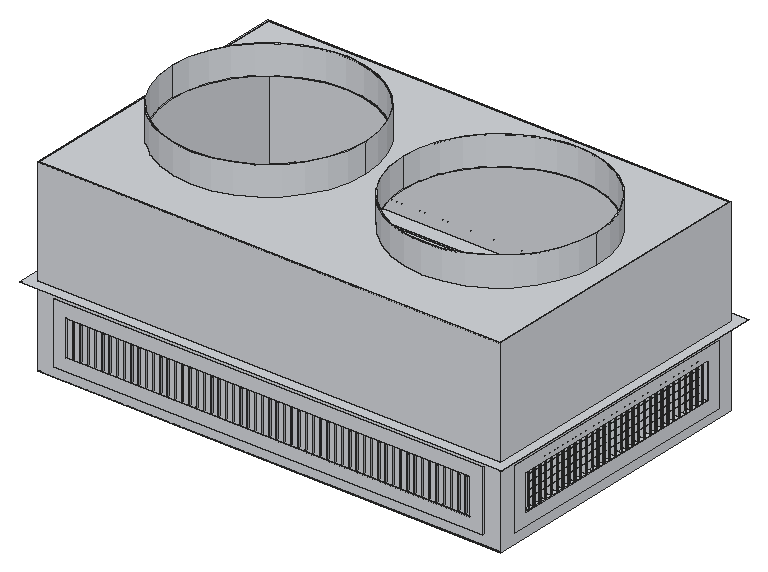
Revit family "model CO-30 diffuser", category Mechanical Equipment, Revit 2015
Parameters
  height [instance] = 1' - 7 3/8"
  Width = 2' - 5 3/4"
  Length = 3' - 11 3/4"
Reference planes (in)
  plane 1 "Center (Front/Back)": y = 0
  plane 2: z = 0
  plane 3 "Center (Left/Right)": x = 0
  plane 4: y = 14.875
  plane 5: y = -14.875
  plane 6: x = -23.875
  plane 7: x = 23.875
  plane 8: z = -9.6875
  plane 9: z = 9.6875
  plane 10: x = -23.8272
  plane 11: y = -14.8272
  plane 12: x = 23.8272
  plane 13: y = 14.8272
  plane 14: z = 9.6397
  plane 15: z = -1.3125
  plane 16: x = -24.875
  plane 17: y = -15.875
  plane 18: x = 24.875
  plane 19: y = 15.875
  plane 20: z = -1.3603
  plane 21: z = -9.6397
  plane 22: x = -11.9375
  plane 23: x = 11.9375
  plane 24: z = 12.6875
  plane 25: y = 12
  plane 26: y = -12
  plane 27: z = -3.50092
  plane 28: z = -7.50092
  plane 29: x = -21
  plane 30: x = 21
  plane 31: x = -16.5
  plane 32: x = 16.5
  plane 33: y = 7.5
  plane 34: y = -7.5
Forms (in)
  Extrusion 1, solid
    sketch origin (0, 0, 0) x (1, 0, 0) y (0, 1, 0)
      loop
        line (-23.875, 14.875) -> (-23.875, -14.875) -> (23.875, -14.875) -> (23.875, 14.875) -> (-23.875, 14.875)
    from 9.6875 to 9.6397
  Extrusion 2, solid
    sketch origin (0, 0, 0) x (1, 0, 0) y (0, 1, 0)
      loop
        line (-23.875, 14.875) -> (-23.875, -14.875) -> (23.875, -14.875) -> (23.875, 14.875) -> (-23.875, 14.875)
      loop
        line (-23.8272, 14.8272) -> (-23.8272, -14.8272) -> (23.8272, -14.8272) -> (23.8272, 14.8272) -> (-23.8272, 14.8272)
    from 9.6875 to -9.6875
  Extrusion 3, solid
    sketch origin (0, 0, 0) x (1, 0, 0) y (0, 1, 0)
      loop
        line (-24.875, 15.875) -> (-24.875, -15.875) -> (24.875, -15.875) -> (24.875, 15.875) -> (-24.875, 15.875)
      loop
        line (23.875, -14.875) -> (23.875, 14.875) -> (-23.875, 14.875) -> (-23.875, -14.875) -> (23.875, -14.875)
    from -1.3125 to -1.3603
  Extrusion 4, solid
    sketch origin (0, 0, 0) x (1, 0, 0) y (0, 1, 0)
      loop
        line (-23.875, 14.875) -> (-23.875, -14.875) -> (23.875, -14.875) -> (23.875, 14.875) -> (-23.875, 14.875)
    from -9.6397 to -9.6875
  Extrusion 5, void
    sketch origin (0, 0, 0) x (0, 1, 0) y (0, 0, 1)
      loop
        line (12, -3.50092) -> (-12, -3.50092) -> (-12, -7.50092) -> (12, -7.50092) -> (12, -3.50092)
    from 28.68207 to -27.87379
  Extrusion 6, void
    sketch origin (0, 0, 0) x (1, 0, 0) y (0, 0, 1)
      loop
        line (-21, -3.50092) -> (-21, -7.50092) -> (21, -7.50092) -> (21, -3.50092) -> (-21, -3.50092)
    from 12 to -14.86527
  Extrusion 7, void
    sketch origin (0, 0, 0) x (1, 0, 0) y (0, 1, 0)
      loop
        line (-16.5, 7.5) -> (-16.5, -7.5) -> (16.5, -7.5) -> (16.5, 7.5) -> (-16.5, 7.5)
    from 0 to -12
  Extrusion 8, void
    sketch origin (0, 0, 0) x (1, 0, 0) y (0, 1, 0)
      loop
        circle (-11.9375, 0) r 10
    from 0 to 15
  Extrusion 9, void
    sketch origin (23.875, 0, 0) x (1, 0, 0) y (0, 1, 0)
      loop
        circle (-11.9375, 0) r 10
    from 0 to 15
  Extrusion 10, solid
    sketch origin (0, 0, 0) x (1, 0, 0) y (0, 1, 0)
      loop
        circle (-11.9375, 0) r 10
      loop
        circle (-11.9375, 0) r 10.0239
    from 9.6875 to 12.6875
  Extrusion 11, solid
    sketch origin (23.875, 0, 0) x (1, 0, 0) y (0, 1, 0)
      loop
        circle (-11.9375, 0) r 10
      loop
        circle (-11.9375, 0) r 10.0239
    from 9.6875 to 12.6875
Cuts and joins
  Extrusion 5, Extrusion 6 cuts Extrusion 2
  Extrusion 7 cuts Extrusion 4
  Extrusion 8, Extrusion 9 cuts Extrusion 1
Dimensions and locks (in)
  equal spacing: plane 6, plane 3 "Center (Left/Right)", plane 7
  "Length": plane 6 to plane 7
  equal spacing: plane 4, plane 1 "Center (Front/Back)", plane 5
  "Width": plane 4 to plane 5
  locked: plane 6 to plane 10 at 0.0478
  locked: plane 12 to plane 7 at 0.0478
  locked: plane 11 to plane 5 at 0.0478
  locked: plane 13 to plane 4 at 0.0478
  equal spacing: plane 9, level, plane 8
  "height": plane 9 to plane 8
  locked: plane 9 to plane 14 at 0.0478
  locked: plane 15 to plane 8 at 8.375
  locked: plane 5 to plane 17 at 1
  locked: plane 7 to plane 18 at 1
  locked: plane 19 to plane 4 at 1
  locked: plane 16 to plane 6 at 1
  locked: plane 15 to plane 20 at 0.0478
  locked: plane 21 to plane 8 at 0.0478
  locked: plane 22 to plane 3 "Center (Left/Right)" at 11.9375
  locked: plane 3 "Center (Left/Right)" to plane 23 at 11.9375
  locked: plane 24 to plane 9 at 3
  locked: plane 3 "Center (Left/Right)" to plane 29 at 21
  locked: plane 30 to plane 3 "Center (Left/Right)" at 21
  locked: plane 31 to plane 32 at 33
  locked: plane 33 to plane 34 at 15
  locked: plane 25 to plane 26 at 24
  aligned and locked: level to plane 2
  aligned and locked: plane 4 to Extrusion 1
  aligned and locked: plane 6 to Extrusion 1
  aligned and locked: Extrusion 1 to plane 7
  aligned and locked: Extrusion 1 to plane 5
  aligned and locked: plane 9 to Extrusion 1
  aligned and locked: Extrusion 1 to plane 14
  aligned and locked: plane 9 to Extrusion 2
  aligned and locked: Extrusion 2 to plane 8
  aligned and locked: Extrusion 2 to plane 7
  aligned and locked: plane 4 to Extrusion 2
  aligned and locked: plane 13 to Extrusion 2
  aligned and locked: plane 12 to Extrusion 2
  aligned and locked: Extrusion 2 to plane 5
  aligned and locked: plane 6 to Extrusion 2
  aligned and locked: plane 10 to Extrusion 2
  aligned and locked: plane 11 to Extrusion 2
  aligned and locked: plane 15 to Extrusion 3
  aligned and locked: Extrusion 3 to plane 20
  aligned and locked: plane 21 to Extrusion 4
  aligned and locked: Extrusion 4 to plane 8
  aligned and locked: plane 6 to Extrusion 4
  aligned and locked: plane 4 to Extrusion 4
  aligned and locked: Extrusion 4 to plane 5
  aligned and locked: Extrusion 4 to plane 7
  aligned and locked: cut or joined group of Extrusion 4, Extrusion 7 to plane 31
  aligned and locked: plane 33 to cut or joined group of Extrusion 4, Extrusion 7
  aligned and locked: cut or joined group of Extrusion 4, Extrusion 7 to plane 34
  aligned and locked: plane 32 to cut or joined group of Extrusion 4, Extrusion 7
  aligned and locked: plane 26 to cut or joined group of Extrusion 2, Extrusion 5, Extrusion 6
  aligned and locked: cut or joined group of Extrusion 2, Extrusion 5, Extrusion 6 to plane 25
  aligned and locked: plane 27 to cut or joined group of Extrusion 2, Extrusion 5, Extrusion 6  (x2)
  aligned and locked: cut or joined group of Extrusion 2, Extrusion 5, Extrusion 6 to plane 28  (x2)
  aligned and locked: cut or joined group of Extrusion 2, Extrusion 5, Extrusion 6 to plane 29
  aligned and locked: plane 30 to cut or joined group of Extrusion 2, Extrusion 5, Extrusion 6
  aligned and locked: plane 3 "Center (Left/Right)" to nested 1
  aligned and locked: plane 27 to nested 1
  aligned and locked: plane 5 to nested 1
  aligned and locked: plane 28 to nested 1
  aligned and locked: nested 2 to plane 13
  aligned and locked: nested 2 to plane 27  (x2)
  aligned and locked: nested 2 to plane 28
  aligned and locked: nested 1 to cut or joined group of Extrusion 2, Extrusion 5, Extrusion 6
  aligned and locked: plane 30 to nested 1
  aligned and locked: nested 1 to plane 28
  aligned and locked: nested 2 to plane 30
  aligned and locked: Extrusion 10 to plane 9
  aligned and locked: plane 24 to Extrusion 10
  aligned and locked: nested 3 to plane 33
  aligned and locked: nested 3 to plane 34  (x2)
  aligned and locked: nested 3 to plane 31
  aligned and locked: plane 33 to nested 3
  aligned and locked: plane 32 to nested 3
  aligned and locked: plane 8 to nested 3
  aligned and locked: nested 4 to plane 25
  aligned and locked: plane 26 to nested 4
  aligned and locked: plane 27 to nested 4  (x2)
  aligned and locked: nested 4 to plane 28
  aligned and locked: plane 7 to nested 4
  aligned and locked: plane 28 to nested 4
  aligned and locked: nested 5 to plane 28
  aligned and locked: nested 5 to plane 27
Automatic sketch dimensions
  Extrusion 1 sketch curve to plane 5 = 0' - 0"
  Extrusion 1 sketch curve to plane 6 = 0' - 0"
  Extrusion 1 sketch curve to plane 7 = 0' - 0"
  Extrusion 1 sketch curve to plane 4 = 0' - 0"
  Extrusion 2 sketch curve to plane 5 = 0' - 0"
  Extrusion 2 sketch curve to plane 6 = 0' - 0"
  Extrusion 2 sketch curve to plane 10 = 0' - 0"
  Extrusion 2 sketch curve to plane 12 = 0' - 0"
  Extrusion 2 sketch curve to plane 4 = 0' - 0"
  Extrusion 2 sketch curve to plane 7 = 0' - 0"
  Extrusion 2 sketch curve to plane 11 = 0' - 0"
  plane 13 to Extrusion 2 sketch curve = 0' - 0"
  Extrusion 3 sketch curve to plane 16 = 0' - 0"
  Extrusion 3 sketch curve to plane 4 = 0' - 0"
  Extrusion 3 sketch curve to plane 6 = 0' - 0"
  Extrusion 3 sketch curve to plane 7 = 0' - 0"
  Extrusion 3 sketch curve to plane 17 = 0' - 0"
  Extrusion 3 sketch curve to plane 18 = 0' - 0"
  Extrusion 3 sketch curve to plane 5 = 0' - 0"
  Extrusion 3 sketch curve to plane 19 = 0' - 0"
  Extrusion 4 sketch curve to plane 5 = 0' - 0"
  Extrusion 4 sketch curve to plane 6 = 0' - 0"
  Extrusion 4 sketch curve to plane 7 = 0' - 0"
  Extrusion 4 sketch curve to plane 4 = 0' - 0"
  Extrusion 5 sketch curve to plane 26 = 0' - 0"
  Extrusion 5 sketch curve to plane 25 = 0' - 0"
  Extrusion 5 sketch curve to plane 28 = 0' - 0"
  Extrusion 5 sketch curve to plane 27 = 0' - 0"
  Extrusion 6 sketch curve to plane 28 = 0' - 0"
  Extrusion 6 sketch curve to plane 29 = 0' - 0"
  Extrusion 6 sketch curve to plane 30 = 0' - 0"
  Extrusion 6 sketch curve to plane 27 = 0' - 0"
  Extrusion 7 sketch curve to plane 31 = 0' - 0"
  Extrusion 7 sketch curve to plane 32 = 0' - 0"
  Extrusion 7 sketch curve to plane 34 = 0' - 0"
  Extrusion 7 sketch curve to plane 33 = 0' - 0"
  plane 1 "Center (Front/Back)" to Extrusion 8 sketch curve = 0' - 0"
  Extrusion 8 sketch curve to plane 22 = 0' - 0"
  plane 1 "Center (Front/Back)" to Extrusion 9 sketch curve = 0' - 0"
  Extrusion 9 sketch curve to plane 23 = 0' - 0"
  Extrusion 10 sketch curve to Extrusion 10 sketch curve = 0' - 0"  (x2)
  plane 1 "Center (Front/Back)" to Extrusion 10 sketch curve = 0' - 0"
  Extrusion 10 sketch curve to plane 22 = 0' - 0"
  Extrusion 11 sketch curve to Extrusion 11 sketch curve = 0' - 0"  (x2)
  plane 1 "Center (Front/Back)" to Extrusion 11 sketch curve = 0' - 0"
  Extrusion 11 sketch curve to plane 23 = 0' - 0"
  radius of Extrusion 8 sketch curve = 0' - 10"
  radius of Extrusion 9 sketch curve = 0' - 10"
  radius of Extrusion 10 sketch curve = 0' - 10"
  radius of Extrusion 10 sketch curve = 0' - 10.0239"
  radius of Extrusion 11 sketch curve = 0' - 10"
  radius of Extrusion 11 sketch curve = 0' - 10.0239"
Nested families (in)
  nested 1: "Double Diffuser Grille" at (0, -13.25, -5.50093), type "Double Diffuser Grille"
    with Vert. Spacing 0' - 0 3/4", Vert. Number 28, Vert. Blade Height 0' - 3 5/8", Horiz. Spacing 0' - 0 3/4", Horiz. Number 3, Horiz. Blade Width 3' - 5 5/8"
  nested 2: "Double Diffuser Grille" at (0, 13.2022, -5.50093), type "Double Diffuser Grille"
    with Vert. Spacing 0' - 0 3/4", Vert. Number 28, Vert. Blade Height 0' - 3 5/8", Horiz. Spacing 0' - 0 3/4", Horiz. Number 3, Horiz. Blade Width 3' - 5 5/8"
  nested 3: "egg crate grille 3" at (0, 0, -8.0625) x (1, 0, 0) z (0, -1, 0), type "egg crate grille 3"
    with Vert. Spacing 0' - 0 3/4", Vert. Number 32, Vert. Blade Height 1' - 2 5/8", Horiz. Spacing 0' - 0 3/4", Horiz. Number 14, Horiz. Blade Width 2' - 8 5/8"
  nested 4: "Double Diffuser Grille 3" at (22.25, 0, -5.50093) x (0, 1, 0) z (0, 0, 1), type "Double Diffuser Grille 3"
    with Vert. Spacing 0' - 0 3/4", Vert. Number 16, Vert. Blade Height 0' - 3 5/8", Horiz. Spacing 0' - 0 3/4", Horiz. Number 3, Horiz. Blade Width 1' - 11 5/8"
  nested 5: "Double Diffuser Grille 3" at (-22.25, 0, -5.50093) x (0, 1, 0) z (0, 0, 1), type "Double Diffuser Grille 3"
    with Vert. Spacing 0' - 0 3/4", Vert. Number 16, Vert. Blade Height 0' - 3 5/8", Horiz. Spacing 0' - 0 3/4", Horiz. Number 3, Horiz. Blade Width 1' - 11 5/8"
Definition of nested family "Double Diffuser Grille"
  Parameters (values of type "Double Diffuser Grille")
    Vert. Spacing [instance] = 0' - 0 3/4"
    Vert. Number [instance] = ((Grille Width - 0' 0 1/4") / 0' 0 3/4") / 2  # 28
    Vert. Blade Height [instance] = Grille Height - 0' 0 3/8"  # 0' - 3 5/8"
    Horiz. Spacing [instance] = 0' - 0 3/4"
    Horiz. Number [instance] = ((Grille Height - 0' 0 1/4") / 0' 0 3/4") / 2  # 3
    Horiz. Blade Width [instance] = Grille Width - 0' 0 3/8"  # 3' - 5 5/8"
    Grille Width = 3' - 6"
    Grille Height = 0' - 4"
  Reference planes (in)
    plane 1 "Center (Front/Back)": y = 0
    plane 2: z = 0
    plane 3 "Center (Left/Right)": x = 0
    plane 4: y = -1.75
    plane 5: y = -1.625
    plane 6: x = -21
    plane 7: x = 21
    plane 8: z = -2
    plane 9: z = 2
    plane 10: x = -20.875
    plane 11: z = 1.875
    plane 12: z = -1.875
    plane 13: x = 20.875
    plane 14: x = 22.125
    plane 15: z = -3.125
    plane 16: z = 3.125
    plane 17: x = -22.125
    plane 18: y = -0.8125
  Forms (in)
    Extrusion 1, solid
      sketch origin (0, 0, 0) x (1, 0, 0) y (0, 0, 1)
        loop
          line (-21, -2) -> (21, -2) -> (21, 2) -> (-21, 2) -> (-21, -2)
        loop
          line (-20.875, -1.875) -> (20.875, -1.875) -> (20.875, 1.875) -> (-20.875, 1.875) -> (-20.875, -1.875)
      from 0 to 1.625
    Extrusion 2, solid
      sketch origin (0, 0, 0) x (1, 0, 0) y (0, 0, 1)
        loop
          line (-22.125, -3.125) -> (22.125, -3.125) -> (22.125, 3.125) -> (-22.125, 3.125) -> (-22.125, -3.125)
        loop
          line (-20.875, -1.875) -> (20.875, -1.875) -> (20.875, 1.875) -> (-20.875, 1.875) -> (-20.875, -1.875)
      from 1.625 to 1.75
  Dimensions and locks (in)
    locked: plane 5 to plane 4 at 0.125
    locked: plane 1 "Center (Front/Back)" to plane 5 at 1.625
    equal spacing: plane 9, level, plane 8
    "Grille Height": plane 9 to plane 8
    equal spacing: plane 6, plane 3 "Center (Left/Right)", plane 7
    "Grille Width": plane 6 to plane 7
    locked: plane 9 to plane 11 at 0.125
    locked: plane 12 to plane 8 at 0.125
    locked: plane 6 to plane 10 at 0.125
    locked: plane 7 to plane 13 at 0.125
    locked: plane 16 to plane 9 at 1.125
    locked: plane 8 to plane 15 at 1.125
    locked: plane 6 to plane 17 at 1.125
    locked: plane 14 to plane 7 at 1.125
    locked: plane 1 "Center (Front/Back)" to plane 18 at 0.8125
    equal spacing: group 1, group 2, group 4, group 5, group 6, group 7, group 8, group 9, group 10, group 11, group 12, group 13, group 29, group 30, group 31, group 32, group 33, group 34, group 35, group 36, group 37, group 38, group 39, group 40, group 41, group 42, group 43, group 44  (x3)
    "Vert. Spacing": nested 1 to nested 3
    equal spacing: group 60, group 59, group 58, group 57, group 56, group 55, group 54, group 53, group 52, group 51, group 50, group 49, group 48, group 47, group 46, group 45, group 23, group 22, group 21, group 20, group 19, group 18, group 17, group 16, group 15, group 14, group 3, group 1
    equal spacing: group 1, group 3, group 14, group 15, group 16, group 17, group 18, group 19, group 20, group 21, group 22, group 23, group 45, group 46, group 47, group 48, group 49, group 50, group 51, group 52, group 53, group 54, group 55, group 56, group 57, group 58, group 59, group 60  (x2)
    "Vert. Spacing": nested 4 to nested 1
    equal spacing: group 24, group 25, group 27  (x3)
    "Horiz. Spacing": nested 25 to nested 2
    equal spacing: group 24, group 26, group 28  (x2)
    equal spacing: group 28, group 26, group 24
    "Horiz. Spacing": nested 2 to nested 26
    aligned and locked: level to plane 2
    aligned and locked: plane 6 to Extrusion 1 sketch curve
    aligned and locked: plane 9 to Extrusion 1 sketch curve
    aligned and locked: Extrusion 1 sketch curve to plane 8
    aligned and locked: plane 7 to Extrusion 1 sketch curve
    aligned and locked: plane 13 to Extrusion 1 sketch curve
    aligned and locked: plane 12 to Extrusion 1 sketch curve
    aligned and locked: plane 10 to Extrusion 1 sketch curve
    aligned and locked: plane 11 to Extrusion 1 sketch curve
    aligned and locked: Extrusion 1 to plane 1 "Center (Front/Back)"
    aligned and locked: Extrusion 1 to plane 5
    aligned and locked: Extrusion 2 sketch curve to plane 17
    aligned and locked: Extrusion 2 sketch curve to plane 16
    aligned and locked: Extrusion 2 sketch curve to plane 14
    aligned and locked: plane 15 to Extrusion 2 sketch curve
    aligned and locked: plane 12 to Extrusion 2 sketch curve
    aligned and locked: plane 13 to Extrusion 2 sketch curve
    aligned and locked: plane 11 to Extrusion 2 sketch curve
    aligned and locked: plane 10 to Extrusion 2 sketch curve
    aligned and locked: plane 5 to Extrusion 2
    aligned and locked: Extrusion 2 to plane 4
    aligned and locked: nested 1 to plane 5
    aligned and locked: nested 1 to plane 3 "Center (Left/Right)"
    aligned and locked: nested 2 to plane 18
    aligned and locked: plane 3 "Center (Left/Right)" to nested 2
  Nested families (in)
    nested 1: "Vertical Blade" at (-0.08237, -1.625, 0), type "Vertical Blade"
    nested 2: "Horizontal Blade" at (0, -0.8125, 0), type "Horizontal Blade"
    nested 3: "Vertical Blade" at (0.66763, -1.625, 0), type "Vertical Blade"
    nested 4: "Vertical Blade" at (-0.83237, -1.625, 0), type "Vertical Blade"
    nested 5: "Vertical Blade" at (1.41763, -1.625, 0), type "Vertical Blade"
    nested 6: "Vertical Blade" at (2.16763, -1.625, 0), type "Vertical Blade"
    nested 7: "Vertical Blade" at (2.91763, -1.625, 0), type "Vertical Blade"
    nested 8: "Vertical Blade" at (3.66763, -1.625, 0), type "Vertical Blade"
    nested 9: "Vertical Blade" at (4.41763, -1.625, 0), type "Vertical Blade"
    nested 10: "Vertical Blade" at (5.16763, -1.625, 0), type "Vertical Blade"
    nested 11: "Vertical Blade" at (5.91763, -1.625, 0), type "Vertical Blade"
    nested 12: "Vertical Blade" at (6.66763, -1.625, 0), type "Vertical Blade"
    nested 13: "Vertical Blade" at (7.41763, -1.625, 0), type "Vertical Blade"
    nested 14: "Vertical Blade" at (8.16763, -1.625, 0), type "Vertical Blade"
    nested 15: "Vertical Blade" at (-1.58237, -1.625, 0), type "Vertical Blade"
    nested 16: "Vertical Blade" at (-2.33237, -1.625, 0), type "Vertical Blade"
    nested 17: "Vertical Blade" at (-3.08237, -1.625, 0), type "Vertical Blade"
    nested 18: "Vertical Blade" at (-3.83237, -1.625, 0), type "Vertical Blade"
    nested 19: "Vertical Blade" at (-4.58237, -1.625, 0), type "Vertical Blade"
    nested 20: "Vertical Blade" at (-5.33237, -1.625, 0), type "Vertical Blade"
    nested 21: "Vertical Blade" at (-6.08237, -1.625, 0), type "Vertical Blade"
    nested 22: "Vertical Blade" at (-6.83237, -1.625, 0), type "Vertical Blade"
    nested 23: "Vertical Blade" at (-7.58237, -1.625, 0), type "Vertical Blade"
    nested 24: "Vertical Blade" at (-8.33237, -1.625, 0), type "Vertical Blade"
    nested 25: "Horizontal Blade" at (0, -0.8125, 0.75), type "Horizontal Blade"
    nested 26: "Horizontal Blade" at (0, -0.8125, -0.75), type "Horizontal Blade"
    nested 27: "Horizontal Blade" at (0, -0.8125, 1.5), type "Horizontal Blade"
    nested 28: "Horizontal Blade" at (0, -0.8125, -1.5), type "Horizontal Blade"
    nested 29: "Vertical Blade" at (8.91763, -1.625, 0), type "Vertical Blade"
    nested 30: "Vertical Blade" at (9.66763, -1.625, 0), type "Vertical Blade"
    nested 31: "Vertical Blade" at (10.41763, -1.625, 0), type "Vertical Blade"
    nested 32: "Vertical Blade" at (11.16763, -1.625, 0), type "Vertical Blade"
    nested 33: "Vertical Blade" at (11.91763, -1.625, 0), type "Vertical Blade"
    nested 34: "Vertical Blade" at (12.66763, -1.625, 0), type "Vertical Blade"
    nested 35: "Vertical Blade" at (13.41763, -1.625, 0), type "Vertical Blade"
    nested 36: "Vertical Blade" at (14.16763, -1.625, 0), type "Vertical Blade"
    nested 37: "Vertical Blade" at (14.91763, -1.625, 0), type "Vertical Blade"
    nested 38: "Vertical Blade" at (15.66763, -1.625, 0), type "Vertical Blade"
    nested 39: "Vertical Blade" at (16.41763, -1.625, 0), type "Vertical Blade"
    nested 40: "Vertical Blade" at (17.16763, -1.625, 0), type "Vertical Blade"
    nested 41: "Vertical Blade" at (17.91763, -1.625, 0), type "Vertical Blade"
    nested 42: "Vertical Blade" at (18.66763, -1.625, 0), type "Vertical Blade"
    nested 43: "Vertical Blade" at (19.41763, -1.625, 0), type "Vertical Blade"
    nested 44: "Vertical Blade" at (20.16763, -1.625, 0), type "Vertical Blade"
    nested 45: "Vertical Blade" at (-9.08237, -1.625, 0), type "Vertical Blade"
    nested 46: "Vertical Blade" at (-9.83237, -1.625, 0), type "Vertical Blade"
    nested 47: "Vertical Blade" at (-10.58237, -1.625, 0), type "Vertical Blade"
    nested 48: "Vertical Blade" at (-11.33237, -1.625, 0), type "Vertical Blade"
    nested 49: "Vertical Blade" at (-12.08237, -1.625, 0), type "Vertical Blade"
    nested 50: "Vertical Blade" at (-12.83237, -1.625, 0), type "Vertical Blade"
    nested 51: "Vertical Blade" at (-13.58237, -1.625, 0), type "Vertical Blade"
    nested 52: "Vertical Blade" at (-14.33237, -1.625, 0), type "Vertical Blade"
    nested 53: "Vertical Blade" at (-15.08237, -1.625, 0), type "Vertical Blade"
    nested 54: "Vertical Blade" at (-15.83237, -1.625, 0), type "Vertical Blade"
    nested 55: "Vertical Blade" at (-16.58237, -1.625, 0), type "Vertical Blade"
    nested 56: "Vertical Blade" at (-17.33237, -1.625, 0), type "Vertical Blade"
    nested 57: "Vertical Blade" at (-18.08237, -1.625, 0), type "Vertical Blade"
    nested 58: "Vertical Blade" at (-18.83237, -1.625, 0), type "Vertical Blade"
    nested 59: "Vertical Blade" at (-19.58237, -1.625, 0), type "Vertical Blade"
    nested 60: "Vertical Blade" at (-20.33237, -1.625, 0), type "Vertical Blade"
  Definition of nested family "Vertical Blade"
    Parameters (values of type "Vertical Blade")
      H = 2' - 0"
    Reference planes (in)
      plane 1 "Center (Front/Back)": y = 0
      plane 2: z = 0
      plane 3 "Center (Left/Right)": x = 0
      plane 4: z = 12
      plane 5: z = -12
    Forms (in)
      Extrusion 1, solid
        sketch origin (0, -0.05958, 0) x (1, 0, 0) y (0, 1, 0)
          loop
            arc (0.08237, 0.17216) -> (0.04492, 0.11716) -> (0.07825, 0.05958) r 0.0625
            line (0.07825, 0.05958) -> (0.1365, 0.05958)
            arc (0.1365, 0.05958) -> (0.16983, 0.11716) -> (0.13237, 0.17216) r 0.0625
            line (0.13237, 0.17216) -> (0.13237, 0.80238) -> (0.08237, 0.80238) -> (0.08237, 0.17216)
        from -12 to 12
    Dimensions and locks (in)
      equal spacing: plane 4, level, plane 5
      "H": plane 4 to plane 5
      aligned and locked: level to plane 2
      aligned and locked: plane 4 to Extrusion 1
      aligned and locked: Extrusion 1 to plane 5
    Automatic sketch dimensions
      Extrusion 1 sketch curve to Extrusion 1 sketch curve = 0' - 0"  (x2)
      plane 1 "Center (Front/Back)" to Extrusion 1 sketch curve = 0' - 0"
      plane 3 "Center (Left/Right)" to Extrusion 1 sketch curve = 0' - 0.07825"
      plane 3 "Center (Left/Right)" to Extrusion 1 sketch curve = 0' - 0.08237"
      Extrusion 1 sketch curve to Extrusion 1 sketch curve = 0' - 0.02912"
      Extrusion 1 sketch curve to Extrusion 1 sketch curve = 0' - 0.05"
      Extrusion 1 sketch curve to Extrusion 1 sketch curve = 0' - 0.05825"
      Extrusion 1 sketch curve to plane 1 "Center (Front/Back)" = 0' - 0.0553"
      Extrusion 1 sketch curve to Extrusion 1 sketch curve = 0' - 0.63022"
  Definition of nested family "Horizontal Blade"
    Parameters (values of type "Horizontal Blade")
      L = 3' - 0"
    Reference planes (in)
      plane 1 "Center (Front/Back)": y = 0
      plane 2: z = 0
      plane 3 "Center (Left/Right)": x = 0
      plane 4: x = -18
      plane 5: x = 18
    Forms (in)
      Extrusion 1, solid
        sketch origin (0.10737, -0.05958, -0.10737) x (0, 0, 1) y (0, 1, 0)
          loop
            arc (0.08237, 0.17216) -> (0.04492, 0.11716) -> (0.07825, 0.05958) r 0.0625
            line (0.07825, 0.05958) -> (0.1365, 0.05958)
            arc (0.1365, 0.05958) -> (0.16983, 0.11716) -> (0.13237, 0.17216) r 0.0625
            line (0.13237, 0.17216) -> (0.13237, 0.80238) -> (0.08237, 0.80238) -> (0.08237, 0.17216)
        from -17.89263 to 18.10737
    Dimensions and locks (in)
      equal spacing: plane 4, plane 3 "Center (Left/Right)", plane 5
      "L": plane 4 to plane 5
      aligned and locked: level to plane 2
      aligned and locked: plane 4 to Extrusion 1
      aligned and locked: plane 5 to Extrusion 1
    Automatic sketch dimensions
      Extrusion 1 sketch curve to Extrusion 1 sketch curve = 0' - 0"  (x2)
      Extrusion 1 sketch curve to plane 1 "Center (Front/Back)" = 0' - 0"
      Extrusion 1 sketch curve to level = 0' - 0"
      Extrusion 1 sketch curve to level = 0' - 0.025"
      Extrusion 1 sketch curve to level = 0' - 0.02912"
      level to Extrusion 1 sketch curve = 0' - 0.025"
      level to Extrusion 1 sketch curve = 0' - 0.02912"
      Extrusion 1 sketch curve to plane 1 "Center (Front/Back)" = 0' - 0.0553"
      Extrusion 1 sketch curve to Extrusion 1 sketch curve = 0' - 0.63022"
Definition of nested family "egg crate grille 3"
  Parameters (values of type "egg crate grille 3")
    Vert. Spacing [instance] = 0' - 0 3/4"
    Vert. Number [instance] = ((Grille Width - 0' 0 11/16") / 0' 1")  # 32
    Vert. Blade Height [instance] = Grille Height - 0' 0 3/8"  # 1' - 2 5/8"
    Horiz. Spacing [instance] = 0' - 0 3/4"
    Horiz. Number [instance] = ((Grille Height - 0' 0 5/8") / 0' 1")  # 14
    Horiz. Blade Width [instance] = Grille Width - 0' 0 3/8"  # 2' - 8 5/8"
    Grille Width = 2' - 9"
    Grille Height = 1' - 3"
  Reference planes (in)
    plane 1 "Center (Front/Back)": y = 0
    plane 2: z = 0
    plane 3 "Center (Left/Right)": x = 0
    plane 4: y = -1.75
    plane 5: y = -1.625
    plane 6: x = -16.5
    plane 7: x = 16.5
    plane 8: z = -7.5
    plane 9: z = 7.5
    plane 10: x = -16.375
    plane 11: z = 7.375
    plane 12: z = -7.375
    plane 13: x = 16.375
    plane 14: x = 17.625
    plane 15: z = -8.625
    plane 16: z = 8.625
    plane 17: x = -17.625
    plane 18: y = -0.625
    plane 19: x = -15.375
    plane 20: z = 6.375
    plane 21: x = -15.3125
  Forms (in)
    Extrusion 1, solid
      sketch origin (0, 0, 0) x (1, 0, 0) y (0, 0, 1)
        loop
          line (-16.5, -7.5) -> (16.5, -7.5) -> (16.5, 7.5) -> (-16.5, 7.5) -> (-16.5, -7.5)
        loop
          line (-16.375, -7.375) -> (16.375, -7.375) -> (16.375, 7.375) -> (-16.375, 7.375) -> (-16.375, -7.375)
      from 0 to 1.625
    Extrusion 2, solid
      sketch origin (0, 0, 0) x (1, 0, 0) y (0, 0, 1)
        loop
          line (-17.625, -8.625) -> (17.625, -8.625) -> (17.625, 8.625) -> (-17.625, 8.625) -> (-17.625, -8.625)
        loop
          line (-16.375, -7.375) -> (16.375, -7.375) -> (16.375, 7.375) -> (-16.375, 7.375) -> (-16.375, -7.375)
      from 1.625 to 1.75
    Extrusion 3, solid
      sketch origin (0, 0, 3) x (0, 1, 0) y (0, 0, 1)
        loop
          line (-1.625, 3.375) -> (-1.625, 3.3125) -> (-0.625, 3.3125) -> (-0.625, 3.375) -> (-1.625, 3.375)
      from -16.375 to 16.375
    Extrusion 4, solid
      sketch origin (0, 0, 2) x (0, 1, 0) y (0, 0, 1)
        loop
          line (-1.625, 3.375) -> (-1.625, 3.3125) -> (-0.625, 3.3125) -> (-0.625, 3.375) -> (-1.625, 3.375)
      from -16.375 to 16.375
    Extrusion 5, solid
      sketch origin (0, 0, 1) x (0, 1, 0) y (0, 0, 1)
        loop
          line (-1.625, 3.375) -> (-1.625, 3.3125) -> (-0.625, 3.3125) -> (-0.625, 3.375) -> (-1.625, 3.375)
      from -16.375 to 16.375
    Extrusion 6, solid
      sketch origin (0, 0, 0) x (0, 1, 0) y (0, 0, 1)
        loop
          line (-1.625, 3.375) -> (-1.625, 3.3125) -> (-0.625, 3.3125) -> (-0.625, 3.375) -> (-1.625, 3.375)
      from -16.375 to 16.375
    Extrusion 7, solid
      sketch origin (0, 0, -1) x (0, 1, 0) y (0, 0, 1)
        loop
          line (-1.625, 3.375) -> (-1.625, 3.3125) -> (-0.625, 3.3125) -> (-0.625, 3.375) -> (-1.625, 3.375)
      from -16.375 to 16.375
    Extrusion 8, solid
      sketch origin (0, 0, -2) x (0, 1, 0) y (0, 0, 1)
        loop
          line (-1.625, 3.375) -> (-1.625, 3.3125) -> (-0.625, 3.3125) -> (-0.625, 3.375) -> (-1.625, 3.375)
      from -16.375 to 16.375
    Extrusion 9, solid
      sketch origin (0, 0, -3) x (0, 1, 0) y (0, 0, 1)
        loop
          line (-1.625, 3.375) -> (-1.625, 3.3125) -> (-0.625, 3.3125) -> (-0.625, 3.375) -> (-1.625, 3.375)
      from -16.375 to 16.375
    Extrusion 10, solid
      sketch origin (0, 0, -4) x (0, 1, 0) y (0, 0, 1)
        loop
          line (-1.625, 3.375) -> (-1.625, 3.3125) -> (-0.625, 3.3125) -> (-0.625, 3.375) -> (-1.625, 3.375)
      from -16.375 to 16.375
    Extrusion 11, solid
      sketch origin (0, 0, -5) x (0, 1, 0) y (0, 0, 1)
        loop
          line (-1.625, 3.375) -> (-1.625, 3.3125) -> (-0.625, 3.3125) -> (-0.625, 3.375) -> (-1.625, 3.375)
      from -16.375 to 16.375
    Extrusion 12, solid
      sketch origin (0, 0, -6) x (0, 1, 0) y (0, 0, 1)
        loop
          line (-1.625, 3.375) -> (-1.625, 3.3125) -> (-0.625, 3.3125) -> (-0.625, 3.375) -> (-1.625, 3.375)
      from -16.375 to 16.375
    Extrusion 13, solid
      sketch origin (0, 0, -7) x (0, 1, 0) y (0, 0, 1)
        loop
          line (-1.625, 3.375) -> (-1.625, 3.3125) -> (-0.625, 3.3125) -> (-0.625, 3.375) -> (-1.625, 3.375)
      from -16.375 to 16.375
    Extrusion 14, solid
      sketch origin (0, 0, -8) x (0, 1, 0) y (0, 0, 1)
        loop
          line (-1.625, 3.375) -> (-1.625, 3.3125) -> (-0.625, 3.3125) -> (-0.625, 3.375) -> (-1.625, 3.375)
      from -16.375 to 16.375
    Extrusion 15, solid
      sketch origin (0, 0, -9) x (0, 1, 0) y (0, 0, 1)
        loop
          line (-1.625, 3.375) -> (-1.625, 3.3125) -> (-0.625, 3.3125) -> (-0.625, 3.375) -> (-1.625, 3.375)
      from -16.375 to 16.375
    Extrusion 16, solid
      sketch origin (0, 0, -10) x (0, 1, 0) y (0, 0, 1)
        loop
          line (-1.625, 3.375) -> (-1.625, 3.3125) -> (-0.625, 3.3125) -> (-0.625, 3.375) -> (-1.625, 3.375)
      from -16.375 to 16.375
    Extrusion 17, solid
      sketch origin (0, 0, 0) x (1, 0, 0) y (0, 1, 0)
        loop
          line (-15.375, -1.75) -> (-15.3125, -1.75) -> (-15.3125, -0.625) -> (-15.375, -0.625) -> (-15.375, -1.75)
      from -7.375 to 7.375
    Extrusion 18, solid
      sketch origin (1, 0, 0) x (1, 0, 0) y (0, 1, 0)
        loop
          line (-15.375, -1.75) -> (-15.3125, -1.75) -> (-15.3125, -0.625) -> (-15.375, -0.625) -> (-15.375, -1.75)
      from -7.375 to 7.375
    Extrusion 19, solid
      sketch origin (2, 0, 0) x (1, 0, 0) y (0, 1, 0)
        loop
          line (-15.375, -1.75) -> (-15.3125, -1.75) -> (-15.3125, -0.625) -> (-15.375, -0.625) -> (-15.375, -1.75)
      from -7.375 to 7.375
    Extrusion 20, solid
      sketch origin (3, 0, 0) x (1, 0, 0) y (0, 1, 0)
        loop
          line (-15.375, -1.75) -> (-15.3125, -1.75) -> (-15.3125, -0.625) -> (-15.375, -0.625) -> (-15.375, -1.75)
      from -7.375 to 7.375
    Extrusion 21, solid
      sketch origin (4, 0, 0) x (1, 0, 0) y (0, 1, 0)
        loop
          line (-15.375, -1.75) -> (-15.3125, -1.75) -> (-15.3125, -0.625) -> (-15.375, -0.625) -> (-15.375, -1.75)
      from -7.375 to 7.375
    Extrusion 22, solid
      sketch origin (5, 0, 0) x (1, 0, 0) y (0, 1, 0)
        loop
          line (-15.375, -1.75) -> (-15.3125, -1.75) -> (-15.3125, -0.625) -> (-15.375, -0.625) -> (-15.375, -1.75)
      from -7.375 to 7.375
    Extrusion 23, solid
      sketch origin (6, 0, 0) x (1, 0, 0) y (0, 1, 0)
        loop
          line (-15.375, -1.75) -> (-15.3125, -1.75) -> (-15.3125, -0.625) -> (-15.375, -0.625) -> (-15.375, -1.75)
      from -7.375 to 7.375
    Extrusion 24, solid
      sketch origin (7, 0, 0) x (1, 0, 0) y (0, 1, 0)
        loop
          line (-15.375, -1.75) -> (-15.3125, -1.75) -> (-15.3125, -0.625) -> (-15.375, -0.625) -> (-15.375, -1.75)
      from -7.375 to 7.375
    Extrusion 25, solid
      sketch origin (8, 0, 0) x (1, 0, 0) y (0, 1, 0)
        loop
          line (-15.375, -1.75) -> (-15.3125, -1.75) -> (-15.3125, -0.625) -> (-15.375, -0.625) -> (-15.375, -1.75)
      from -7.375 to 7.375
    Extrusion 26, solid
      sketch origin (9, 0, 0) x (1, 0, 0) y (0, 1, 0)
        loop
          line (-15.375, -1.75) -> (-15.3125, -1.75) -> (-15.3125, -0.625) -> (-15.375, -0.625) -> (-15.375, -1.75)
      from -7.375 to 7.375
    Extrusion 27, solid
      sketch origin (10, 0, 0) x (1, 0, 0) y (0, 1, 0)
        loop
          line (-15.375, -1.75) -> (-15.3125, -1.75) -> (-15.3125, -0.625) -> (-15.375, -0.625) -> (-15.375, -1.75)
      from -7.375 to 7.375
    Extrusion 28, solid
      sketch origin (11, 0, 0) x (1, 0, 0) y (0, 1, 0)
        loop
          line (-15.375, -1.75) -> (-15.3125, -1.75) -> (-15.3125, -0.625) -> (-15.375, -0.625) -> (-15.375, -1.75)
      from -7.375 to 7.375
    Extrusion 29, solid
      sketch origin (12, 0, 0) x (1, 0, 0) y (0, 1, 0)
        loop
          line (-15.375, -1.75) -> (-15.3125, -1.75) -> (-15.3125, -0.625) -> (-15.375, -0.625) -> (-15.375, -1.75)
      from -7.375 to 7.375
    Extrusion 30, solid
      sketch origin (13, 0, 0) x (1, 0, 0) y (0, 1, 0)
        loop
          line (-15.375, -1.75) -> (-15.3125, -1.75) -> (-15.3125, -0.625) -> (-15.375, -0.625) -> (-15.375, -1.75)
      from -7.375 to 7.375
    Extrusion 31, solid
      sketch origin (14, 0, 0) x (1, 0, 0) y (0, 1, 0)
        loop
          line (-15.375, -1.75) -> (-15.3125, -1.75) -> (-15.3125, -0.625) -> (-15.375, -0.625) -> (-15.375, -1.75)
      from -7.375 to 7.375
    Extrusion 32, solid
      sketch origin (15, 0, 0) x (1, 0, 0) y (0, 1, 0)
        loop
          line (-15.375, -1.75) -> (-15.3125, -1.75) -> (-15.3125, -0.625) -> (-15.375, -0.625) -> (-15.375, -1.75)
      from -7.375 to 7.375
    Extrusion 33, solid
      sketch origin (16, 0, 0) x (1, 0, 0) y (0, 1, 0)
        loop
          line (-15.375, -1.75) -> (-15.3125, -1.75) -> (-15.3125, -0.625) -> (-15.375, -0.625) -> (-15.375, -1.75)
      from -7.375 to 7.375
    Extrusion 34, solid
      sketch origin (17, 0, 0) x (1, 0, 0) y (0, 1, 0)
        loop
          line (-15.375, -1.75) -> (-15.3125, -1.75) -> (-15.3125, -0.625) -> (-15.375, -0.625) -> (-15.375, -1.75)
      from -7.375 to 7.375
    Extrusion 35, solid
      sketch origin (18, 0, 0) x (1, 0, 0) y (0, 1, 0)
        loop
          line (-15.375, -1.75) -> (-15.3125, -1.75) -> (-15.3125, -0.625) -> (-15.375, -0.625) -> (-15.375, -1.75)
      from -7.375 to 7.375
    Extrusion 36, solid
      sketch origin (19, 0, 0) x (1, 0, 0) y (0, 1, 0)
        loop
          line (-15.375, -1.75) -> (-15.3125, -1.75) -> (-15.3125, -0.625) -> (-15.375, -0.625) -> (-15.375, -1.75)
      from -7.375 to 7.375
    Extrusion 37, solid
      sketch origin (20, 0, 0) x (1, 0, 0) y (0, 1, 0)
        loop
          line (-15.375, -1.75) -> (-15.3125, -1.75) -> (-15.3125, -0.625) -> (-15.375, -0.625) -> (-15.375, -1.75)
      from -7.375 to 7.375
    Extrusion 38, solid
      sketch origin (21, 0, 0) x (1, 0, 0) y (0, 1, 0)
        loop
          line (-15.375, -1.75) -> (-15.3125, -1.75) -> (-15.3125, -0.625) -> (-15.375, -0.625) -> (-15.375, -1.75)
      from -7.375 to 7.375
    Extrusion 39, solid
      sketch origin (22, 0, 0) x (1, 0, 0) y (0, 1, 0)
        loop
          line (-15.375, -1.75) -> (-15.3125, -1.75) -> (-15.3125, -0.625) -> (-15.375, -0.625) -> (-15.375, -1.75)
      from -7.375 to 7.375
    Extrusion 40, solid
      sketch origin (23, 0, 0) x (1, 0, 0) y (0, 1, 0)
        loop
          line (-15.375, -1.75) -> (-15.3125, -1.75) -> (-15.3125, -0.625) -> (-15.375, -0.625) -> (-15.375, -1.75)
      from -7.375 to 7.375
    Extrusion 41, solid
      sketch origin (24, 0, 0) x (1, 0, 0) y (0, 1, 0)
        loop
          line (-15.375, -1.75) -> (-15.3125, -1.75) -> (-15.3125, -0.625) -> (-15.375, -0.625) -> (-15.375, -1.75)
      from -7.375 to 7.375
    Extrusion 42, solid
      sketch origin (25, 0, 0) x (1, 0, 0) y (0, 1, 0)
        loop
          line (-15.375, -1.75) -> (-15.3125, -1.75) -> (-15.3125, -0.625) -> (-15.375, -0.625) -> (-15.375, -1.75)
      from -7.375 to 7.375
    Extrusion 43, solid
      sketch origin (26, 0, 0) x (1, 0, 0) y (0, 1, 0)
        loop
          line (-15.375, -1.75) -> (-15.3125, -1.75) -> (-15.3125, -0.625) -> (-15.375, -0.625) -> (-15.375, -1.75)
      from -7.375 to 7.375
    Extrusion 44, solid
      sketch origin (27, 0, 0) x (1, 0, 0) y (0, 1, 0)
        loop
          line (-15.375, -1.75) -> (-15.3125, -1.75) -> (-15.3125, -0.625) -> (-15.375, -0.625) -> (-15.375, -1.75)
      from -7.375 to 7.375
    Extrusion 45, solid
      sketch origin (28, 0, 0) x (1, 0, 0) y (0, 1, 0)
        loop
          line (-15.375, -1.75) -> (-15.3125, -1.75) -> (-15.3125, -0.625) -> (-15.375, -0.625) -> (-15.375, -1.75)
      from -7.375 to 7.375
    Extrusion 46, solid
      sketch origin (29, 0, 0) x (1, 0, 0) y (0, 1, 0)
        loop
          line (-15.375, -1.75) -> (-15.3125, -1.75) -> (-15.3125, -0.625) -> (-15.375, -0.625) -> (-15.375, -1.75)
      from -7.375 to 7.375
    Extrusion 47, solid
      sketch origin (30, 0, 0) x (1, 0, 0) y (0, 1, 0)
        loop
          line (-15.375, -1.75) -> (-15.3125, -1.75) -> (-15.3125, -0.625) -> (-15.375, -0.625) -> (-15.375, -1.75)
      from -7.375 to 7.375
    Extrusion 48, solid
      sketch origin (31, 0, 0) x (1, 0, 0) y (0, 1, 0)
        loop
          line (-15.375, -1.75) -> (-15.3125, -1.75) -> (-15.3125, -0.625) -> (-15.375, -0.625) -> (-15.375, -1.75)
      from -7.375 to 7.375
  Dimensions and locks (in)
    locked: plane 5 to plane 4 at 0.125
    locked: plane 1 "Center (Front/Back)" to plane 5 at 1.625
    equal spacing: plane 9, level, plane 8
    "Grille Height": plane 9 to plane 8
    equal spacing: plane 6, plane 3 "Center (Left/Right)", plane 7
    "Grille Width": plane 6 to plane 7
    locked: plane 9 to plane 11 at 0.125
    locked: plane 12 to plane 8 at 0.125
    locked: plane 6 to plane 10 at 0.125
    locked: plane 7 to plane 13 at 0.125
    locked: plane 16 to plane 9 at 1.125
    locked: plane 8 to plane 15 at 1.125
    locked: plane 6 to plane 17 at 1.125
    locked: plane 14 to plane 7 at 1.125
    locked: plane 10 to plane 19 at 1
    locked: plane 18 to plane 5 at 1
    locked: plane 11 to plane 20 at 1
    equal spacing: group 1, group 2, group 3, group 4, group 5, group 6, group 7, group 8, group 9, group 10, group 11, group 12, group 13, group 14  (x2)
    equal spacing: group 14, group 13, group 12, group 11, group 10, group 9, group 8, group 7, group 6, group 5, group 4, group 3, group 2, group 1
    locked: Extrusion 3 to Extrusion 4 at 1
    equal spacing: group 15, group 16, group 17, group 18, group 19, group 20, group 21, group 22, group 23, group 24, group 25, group 26, group 27, group 28, group 29, group 30, group 31, group 32, group 33, group 34, group 35, group 36, group 37, group 38, group 39, group 40, group 41, group 42, group 43, group 44, group 45, group 46  (x3)
    locked: Extrusion 17 to Extrusion 18 at 1
    aligned and locked: level to plane 2
    aligned and locked: plane 6 to Extrusion 1 sketch curve
    aligned and locked: plane 9 to Extrusion 1 sketch curve
    aligned and locked: Extrusion 1 sketch curve to plane 8
    aligned and locked: plane 7 to Extrusion 1 sketch curve
    aligned and locked: plane 13 to Extrusion 1 sketch curve
    aligned and locked: plane 12 to Extrusion 1 sketch curve
    aligned and locked: plane 10 to Extrusion 1 sketch curve
    aligned and locked: plane 11 to Extrusion 1 sketch curve
    aligned and locked: Extrusion 1 to plane 1 "Center (Front/Back)"
    aligned and locked: Extrusion 1 to plane 5
    aligned and locked: Extrusion 2 sketch curve to plane 17
    aligned and locked: Extrusion 2 sketch curve to plane 16
    aligned and locked: Extrusion 2 sketch curve to plane 14
    aligned and locked: plane 15 to Extrusion 2 sketch curve
    aligned and locked: plane 12 to Extrusion 2 sketch curve
    aligned and locked: plane 13 to Extrusion 2 sketch curve
    aligned and locked: plane 11 to Extrusion 2 sketch curve
    aligned and locked: plane 10 to Extrusion 2 sketch curve
    aligned and locked: plane 5 to Extrusion 2
    aligned and locked: Extrusion 2 to plane 4
    aligned and locked: plane 18 to Extrusion 3
    aligned and locked: plane 20 to Extrusion 3
    aligned and locked: Extrusion 3 to plane 5
    aligned and locked: Extrusion 3 to plane 20
    aligned and locked: plane 13 to Extrusion 3
    aligned and locked: plane 10 to Extrusion 3
    aligned and locked: plane 10 to Extrusion 10
    aligned and locked: plane 10 to Extrusion 9
    aligned and locked: plane 10 to Extrusion 8
    aligned and locked: plane 10 to Extrusion 7
    aligned and locked: plane 11 to Extrusion 17
    aligned and locked: plane 12 to Extrusion 17
  Automatic sketch dimensions
    Extrusion 3 sketch curve to Extrusion 3 sketch curve = 0' - 0 1/16"
    Extrusion 3 sketch curve to Extrusion 3 sketch curve = 0' - 1"
    Extrusion 4 sketch curve to Extrusion 4 sketch curve = 0' - 0 1/16"
    Extrusion 4 sketch curve to Extrusion 4 sketch curve = 0' - 1"
    Extrusion 5 sketch curve to Extrusion 5 sketch curve = 0' - 0 1/16"
    Extrusion 5 sketch curve to Extrusion 5 sketch curve = 0' - 1"
    Extrusion 6 sketch curve to Extrusion 6 sketch curve = 0' - 0 1/16"
    Extrusion 6 sketch curve to Extrusion 6 sketch curve = 0' - 1"
    Extrusion 7 sketch curve to Extrusion 7 sketch curve = 0' - 0 1/16"
    Extrusion 7 sketch curve to Extrusion 7 sketch curve = 0' - 1"
    Extrusion 8 sketch curve to Extrusion 8 sketch curve = 0' - 0 1/16"
    Extrusion 8 sketch curve to Extrusion 8 sketch curve = 0' - 1"
    Extrusion 9 sketch curve to Extrusion 9 sketch curve = 0' - 0 1/16"
    Extrusion 9 sketch curve to Extrusion 9 sketch curve = 0' - 1"
    Extrusion 10 sketch curve to Extrusion 10 sketch curve = 0' - 0 1/16"
    Extrusion 10 sketch curve to Extrusion 10 sketch curve = 0' - 1"
    Extrusion 11 sketch curve to Extrusion 11 sketch curve = 0' - 0 1/16"
    Extrusion 11 sketch curve to Extrusion 11 sketch curve = 0' - 1"
    Extrusion 12 sketch curve to Extrusion 12 sketch curve = 0' - 0 1/16"
    Extrusion 12 sketch curve to Extrusion 12 sketch curve = 0' - 1"
    Extrusion 13 sketch curve to Extrusion 13 sketch curve = 0' - 0 1/16"
    Extrusion 13 sketch curve to Extrusion 13 sketch curve = 0' - 1"
    Extrusion 14 sketch curve to Extrusion 14 sketch curve = 0' - 0 1/16"
    Extrusion 14 sketch curve to Extrusion 14 sketch curve = 0' - 1"
    Extrusion 15 sketch curve to Extrusion 15 sketch curve = 0' - 0 1/16"
    Extrusion 15 sketch curve to Extrusion 15 sketch curve = 0' - 1"
    Extrusion 16 sketch curve to Extrusion 16 sketch curve = 0' - 0 1/16"
    Extrusion 16 sketch curve to Extrusion 16 sketch curve = 0' - 1"
    Extrusion 17 sketch curve to Extrusion 17 sketch curve = 0' - 0 1/16"
    Extrusion 17 sketch curve to Extrusion 17 sketch curve = 0' - 1 1/8"
    Extrusion 18 sketch curve to Extrusion 18 sketch curve = 0' - 0 1/16"
    Extrusion 18 sketch curve to Extrusion 18 sketch curve = 0' - 1 1/8"
    Extrusion 19 sketch curve to Extrusion 19 sketch curve = 0' - 0 1/16"
    Extrusion 19 sketch curve to Extrusion 19 sketch curve = 0' - 1 1/8"
    Extrusion 20 sketch curve to Extrusion 20 sketch curve = 0' - 0 1/16"
    Extrusion 20 sketch curve to Extrusion 20 sketch curve = 0' - 1 1/8"
    Extrusion 21 sketch curve to Extrusion 21 sketch curve = 0' - 0 1/16"
    Extrusion 21 sketch curve to Extrusion 21 sketch curve = 0' - 1 1/8"
    Extrusion 22 sketch curve to Extrusion 22 sketch curve = 0' - 0 1/16"
    Extrusion 22 sketch curve to Extrusion 22 sketch curve = 0' - 1 1/8"
    Extrusion 23 sketch curve to Extrusion 23 sketch curve = 0' - 0 1/16"
    Extrusion 23 sketch curve to Extrusion 23 sketch curve = 0' - 1 1/8"
    Extrusion 24 sketch curve to Extrusion 24 sketch curve = 0' - 0 1/16"
    Extrusion 24 sketch curve to Extrusion 24 sketch curve = 0' - 1 1/8"
    Extrusion 25 sketch curve to Extrusion 25 sketch curve = 0' - 0 1/16"
    Extrusion 25 sketch curve to Extrusion 25 sketch curve = 0' - 1 1/8"
    Extrusion 26 sketch curve to Extrusion 26 sketch curve = 0' - 0 1/16"
    Extrusion 26 sketch curve to Extrusion 26 sketch curve = 0' - 1 1/8"
    Extrusion 27 sketch curve to Extrusion 27 sketch curve = 0' - 0 1/16"
    Extrusion 27 sketch curve to Extrusion 27 sketch curve = 0' - 1 1/8"
    Extrusion 28 sketch curve to Extrusion 28 sketch curve = 0' - 0 1/16"
    Extrusion 28 sketch curve to Extrusion 28 sketch curve = 0' - 1 1/8"
    Extrusion 29 sketch curve to Extrusion 29 sketch curve = 0' - 0 1/16"
    Extrusion 29 sketch curve to Extrusion 29 sketch curve = 0' - 1 1/8"
    Extrusion 30 sketch curve to Extrusion 30 sketch curve = 0' - 0 1/16"
    Extrusion 30 sketch curve to Extrusion 30 sketch curve = 0' - 1 1/8"
    Extrusion 31 sketch curve to Extrusion 31 sketch curve = 0' - 0 1/16"
    Extrusion 31 sketch curve to Extrusion 31 sketch curve = 0' - 1 1/8"
    Extrusion 32 sketch curve to Extrusion 32 sketch curve = 0' - 0 1/16"
    Extrusion 32 sketch curve to Extrusion 32 sketch curve = 0' - 1 1/8"
    Extrusion 33 sketch curve to Extrusion 33 sketch curve = 0' - 0 1/16"
    Extrusion 33 sketch curve to Extrusion 33 sketch curve = 0' - 1 1/8"
    Extrusion 34 sketch curve to Extrusion 34 sketch curve = 0' - 0 1/16"
    Extrusion 34 sketch curve to Extrusion 34 sketch curve = 0' - 1 1/8"
    Extrusion 35 sketch curve to Extrusion 35 sketch curve = 0' - 0 1/16"
    Extrusion 35 sketch curve to Extrusion 35 sketch curve = 0' - 1 1/8"
    Extrusion 36 sketch curve to Extrusion 36 sketch curve = 0' - 0 1/16"
    Extrusion 36 sketch curve to Extrusion 36 sketch curve = 0' - 1 1/8"
    Extrusion 37 sketch curve to Extrusion 37 sketch curve = 0' - 0 1/16"
    Extrusion 37 sketch curve to Extrusion 37 sketch curve = 0' - 1 1/8"
    Extrusion 38 sketch curve to Extrusion 38 sketch curve = 0' - 0 1/16"
    Extrusion 38 sketch curve to Extrusion 38 sketch curve = 0' - 1 1/8"
    Extrusion 39 sketch curve to Extrusion 39 sketch curve = 0' - 0 1/16"
    Extrusion 39 sketch curve to Extrusion 39 sketch curve = 0' - 1 1/8"
    Extrusion 40 sketch curve to Extrusion 40 sketch curve = 0' - 0 1/16"
    Extrusion 40 sketch curve to Extrusion 40 sketch curve = 0' - 1 1/8"
    Extrusion 41 sketch curve to Extrusion 41 sketch curve = 0' - 0 1/16"
    Extrusion 41 sketch curve to Extrusion 41 sketch curve = 0' - 1 1/8"
    Extrusion 42 sketch curve to Extrusion 42 sketch curve = 0' - 0 1/16"
    Extrusion 42 sketch curve to Extrusion 42 sketch curve = 0' - 1 1/8"
    Extrusion 43 sketch curve to Extrusion 43 sketch curve = 0' - 0 1/16"
    Extrusion 43 sketch curve to Extrusion 43 sketch curve = 0' - 1 1/8"
    Extrusion 44 sketch curve to Extrusion 44 sketch curve = 0' - 0 1/16"
    Extrusion 44 sketch curve to Extrusion 44 sketch curve = 0' - 1 1/8"
    Extrusion 45 sketch curve to Extrusion 45 sketch curve = 0' - 0 1/16"
    Extrusion 45 sketch curve to Extrusion 45 sketch curve = 0' - 1 1/8"
    Extrusion 46 sketch curve to Extrusion 46 sketch curve = 0' - 0 1/16"
    Extrusion 46 sketch curve to Extrusion 46 sketch curve = 0' - 1 1/8"
    Extrusion 47 sketch curve to Extrusion 47 sketch curve = 0' - 0 1/16"
    Extrusion 47 sketch curve to Extrusion 47 sketch curve = 0' - 1 1/8"
    Extrusion 48 sketch curve to Extrusion 48 sketch curve = 0' - 0 1/16"
    Extrusion 48 sketch curve to Extrusion 48 sketch curve = 0' - 1 1/8"
Definition of nested family "Double Diffuser Grille 3"
  Parameters (values of type "Double Diffuser Grille 3")
    Vert. Spacing [instance] = 0' - 0 3/4"
    Vert. Number [instance] = ((Grille Width - 0' 0 1/4") / 0' 0 3/4") / 2  # 16
    Vert. Blade Height [instance] = Grille Height - 0' 0 3/8"  # 0' - 3 5/8"
    Horiz. Spacing [instance] = 0' - 0 3/4"
    Horiz. Number [instance] = ((Grille Height - 0' 0 1/4") / 0' 0 3/4") / 2  # 3
    Horiz. Blade Width [instance] = Grille Width - 0' 0 3/8"  # 1' - 11 5/8"
    Grille Width = 2' - 0"
    Grille Height = 0' - 4"
  Reference planes (in)
    plane 1 "Center (Front/Back)": y = 0
    plane 2: z = 0
    plane 3 "Center (Left/Right)": x = 0
    plane 4: y = -1.75
    plane 5: y = -1.625
    plane 6: x = -12
    plane 7: x = 12
    plane 8: z = -2
    plane 9: z = 2
    plane 10: x = -11.875
    plane 11: z = 1.875
    plane 12: z = -1.875
    plane 13: x = 11.875
    plane 14: x = 13.125
    plane 15: z = -3.125
    plane 16: z = 3.125
    plane 17: x = -13.125
    plane 18: y = -0.8125
  Forms (in)
    Extrusion 1, solid
      sketch origin (0, 0, 0) x (1, 0, 0) y (0, 0, 1)
        loop
          line (-12, -2) -> (12, -2) -> (12, 2) -> (-12, 2) -> (-12, -2)
        loop
          line (-11.875, -1.875) -> (11.875, -1.875) -> (11.875, 1.875) -> (-11.875, 1.875) -> (-11.875, -1.875)
      from 0 to 1.625
    Extrusion 2, solid
      sketch origin (0, 0, 0) x (1, 0, 0) y (0, 0, 1)
        loop
          line (-13.125, -3.125) -> (13.125, -3.125) -> (13.125, 3.125) -> (-13.125, 3.125) -> (-13.125, -3.125)
        loop
          line (-11.875, -1.875) -> (11.875, -1.875) -> (11.875, 1.875) -> (-11.875, 1.875) -> (-11.875, -1.875)
      from 1.625 to 1.75
  Dimensions and locks (in)
    locked: plane 5 to plane 4 at 0.125
    locked: plane 1 "Center (Front/Back)" to plane 5 at 1.625
    equal spacing: plane 9, level, plane 8
    "Grille Height": plane 9 to plane 8
    equal spacing: plane 6, plane 3 "Center (Left/Right)", plane 7
    "Grille Width": plane 6 to plane 7
    locked: plane 9 to plane 11 at 0.125
    locked: plane 12 to plane 8 at 0.125
    locked: plane 6 to plane 10 at 0.125
    locked: plane 7 to plane 13 at 0.125
    locked: plane 16 to plane 9 at 1.125
    locked: plane 8 to plane 15 at 1.125
    locked: plane 6 to plane 17 at 1.125
    locked: plane 14 to plane 7 at 1.125
    locked: plane 1 "Center (Front/Back)" to plane 18 at 0.8125
    equal spacing: group 1, group 2, group 4, group 5, group 6, group 7, group 8, group 9, group 10, group 11, group 12, group 13, group 29, group 30, group 31, group 32  (x3)
    "Vert. Spacing": nested 1 to nested 3
    equal spacing: group 36, group 35, group 34, group 33, group 23, group 22, group 21, group 20, group 19, group 18, group 17, group 16, group 15, group 14, group 3, group 1
    equal spacing: group 1, group 3, group 14, group 15, group 16, group 17, group 18, group 19, group 20, group 21, group 22, group 23, group 33, group 34, group 35, group 36  (x2)
    "Vert. Spacing": nested 4 to nested 1
    equal spacing: group 24, group 25, group 27  (x3)
    "Horiz. Spacing": nested 25 to nested 2
    equal spacing: group 24, group 26, group 28  (x2)
    equal spacing: group 28, group 26, group 24
    "Horiz. Spacing": nested 2 to nested 26
    aligned and locked: level to plane 2
    aligned and locked: plane 6 to Extrusion 1 sketch curve
    aligned and locked: plane 9 to Extrusion 1 sketch curve
    aligned and locked: Extrusion 1 sketch curve to plane 8
    aligned and locked: plane 7 to Extrusion 1 sketch curve
    aligned and locked: plane 13 to Extrusion 1 sketch curve
    aligned and locked: plane 12 to Extrusion 1 sketch curve
    aligned and locked: plane 10 to Extrusion 1 sketch curve
    aligned and locked: plane 11 to Extrusion 1 sketch curve
    aligned and locked: Extrusion 1 to plane 1 "Center (Front/Back)"
    aligned and locked: Extrusion 1 to plane 5
    aligned and locked: Extrusion 2 sketch curve to plane 17
    aligned and locked: plane 16 to Extrusion 2 sketch curve
    aligned and locked: Extrusion 2 sketch curve to plane 14
    aligned and locked: plane 15 to Extrusion 2 sketch curve
    aligned and locked: plane 12 to Extrusion 2 sketch curve
    aligned and locked: plane 13 to Extrusion 2 sketch curve
    aligned and locked: plane 11 to Extrusion 2 sketch curve
    aligned and locked: plane 10 to Extrusion 2 sketch curve
    aligned and locked: plane 5 to Extrusion 2
    aligned and locked: Extrusion 2 to plane 4
    aligned and locked: nested 1 to plane 5
    aligned and locked: nested 1 to plane 3 "Center (Left/Right)"
    aligned and locked: nested 2 to plane 18
    aligned and locked: plane 3 "Center (Left/Right)" to nested 2
  Nested families (in)
    nested 1: "Vertical Blade" at (-0.08237, -1.625, 0), type "Vertical Blade"
    nested 2: "Horizontal Blade" at (0, -0.8125, 0), type "Horizontal Blade"
    nested 3: "Vertical Blade" at (0.66763, -1.625, 0), type "Vertical Blade"
    nested 4: "Vertical Blade" at (-0.83237, -1.625, 0), type "Vertical Blade"
    nested 5: "Vertical Blade" at (1.41763, -1.625, 0), type "Vertical Blade"
    nested 6: "Vertical Blade" at (2.16763, -1.625, 0), type "Vertical Blade"
    nested 7: "Vertical Blade" at (2.91763, -1.625, 0), type "Vertical Blade"
    nested 8: "Vertical Blade" at (3.66763, -1.625, 0), type "Vertical Blade"
    nested 9: "Vertical Blade" at (4.41763, -1.625, 0), type "Vertical Blade"
    nested 10: "Vertical Blade" at (5.16763, -1.625, 0), type "Vertical Blade"
    nested 11: "Vertical Blade" at (5.91763, -1.625, 0), type "Vertical Blade"
    nested 12: "Vertical Blade" at (6.66763, -1.625, 0), type "Vertical Blade"
    nested 13: "Vertical Blade" at (7.41763, -1.625, 0), type "Vertical Blade"
    nested 14: "Vertical Blade" at (8.16763, -1.625, 0), type "Vertical Blade"
    nested 15: "Vertical Blade" at (-1.58237, -1.625, 0), type "Vertical Blade"
    nested 16: "Vertical Blade" at (-2.33237, -1.625, 0), type "Vertical Blade"
    nested 17: "Vertical Blade" at (-3.08237, -1.625, 0), type "Vertical Blade"
    nested 18: "Vertical Blade" at (-3.83237, -1.625, 0), type "Vertical Blade"
    nested 19: "Vertical Blade" at (-4.58237, -1.625, 0), type "Vertical Blade"
    nested 20: "Vertical Blade" at (-5.33237, -1.625, 0), type "Vertical Blade"
    nested 21: "Vertical Blade" at (-6.08237, -1.625, 0), type "Vertical Blade"
    nested 22: "Vertical Blade" at (-6.83237, -1.625, 0), type "Vertical Blade"
    nested 23: "Vertical Blade" at (-7.58237, -1.625, 0), type "Vertical Blade"
    nested 24: "Vertical Blade" at (-8.33237, -1.625, 0), type "Vertical Blade"
    nested 25: "Horizontal Blade" at (0, -0.8125, 0.75), type "Horizontal Blade"
    nested 26: "Horizontal Blade" at (0, -0.8125, -0.75), type "Horizontal Blade"
    nested 27: "Horizontal Blade" at (0, -0.8125, 1.5), type "Horizontal Blade"
    nested 28: "Horizontal Blade" at (0, -0.8125, -1.5), type "Horizontal Blade"
    nested 29: "Vertical Blade" at (8.91763, -1.625, 0), type "Vertical Blade"
    nested 30: "Vertical Blade" at (9.66763, -1.625, 0), type "Vertical Blade"
    nested 31: "Vertical Blade" at (10.41763, -1.625, 0), type "Vertical Blade"
    nested 32: "Vertical Blade" at (11.16763, -1.625, 0), type "Vertical Blade"
    nested 33: "Vertical Blade" at (-9.08237, -1.625, 0), type "Vertical Blade"
    nested 34: "Vertical Blade" at (-9.83237, -1.625, 0), type "Vertical Blade"
    nested 35: "Vertical Blade" at (-10.58237, -1.625, 0), type "Vertical Blade"
    nested 36: "Vertical Blade" at (-11.33237, -1.625, 0), type "Vertical Blade"
  Definition of nested family "Vertical Blade"
    Parameters (values of type "Vertical Blade")
      H = 2' - 0"
    Reference planes (in)
      plane 1 "Center (Front/Back)": y = 0
      plane 2: z = 0
      plane 3 "Center (Left/Right)": x = 0
      plane 4: z = 12
      plane 5: z = -12
    Forms (in)
      Extrusion 1, solid
        sketch origin (0, -0.05958, 0) x (1, 0, 0) y (0, 1, 0)
          loop
            arc (0.08237, 0.17216) -> (0.04492, 0.11716) -> (0.07825, 0.05958) r 0.0625
            line (0.07825, 0.05958) -> (0.1365, 0.05958)
            arc (0.1365, 0.05958) -> (0.16983, 0.11716) -> (0.13237, 0.17216) r 0.0625
            line (0.13237, 0.17216) -> (0.13237, 0.80238) -> (0.08237, 0.80238) -> (0.08237, 0.17216)
        from -12 to 12
    Dimensions and locks (in)
      equal spacing: plane 4, level, plane 5
      "H": plane 4 to plane 5
      aligned and locked: level to plane 2
      aligned and locked: plane 4 to Extrusion 1
      aligned and locked: Extrusion 1 to plane 5
    Automatic sketch dimensions
      Extrusion 1 sketch curve to Extrusion 1 sketch curve = 0' - 0"  (x2)
      plane 1 "Center (Front/Back)" to Extrusion 1 sketch curve = 0' - 0"
      plane 3 "Center (Left/Right)" to Extrusion 1 sketch curve = 0' - 0.07825"
      plane 3 "Center (Left/Right)" to Extrusion 1 sketch curve = 0' - 0.08237"
      Extrusion 1 sketch curve to Extrusion 1 sketch curve = 0' - 0.02912"
      Extrusion 1 sketch curve to Extrusion 1 sketch curve = 0' - 0.05"
      Extrusion 1 sketch curve to Extrusion 1 sketch curve = 0' - 0.05825"
      Extrusion 1 sketch curve to plane 1 "Center (Front/Back)" = 0' - 0.0553"
      Extrusion 1 sketch curve to Extrusion 1 sketch curve = 0' - 0.63022"
  Definition of nested family "Horizontal Blade"
    Parameters (values of type "Horizontal Blade")
      L = 3' - 0"
    Reference planes (in)
      plane 1 "Center (Front/Back)": y = 0
      plane 2: z = 0
      plane 3 "Center (Left/Right)": x = 0
      plane 4: x = -18
      plane 5: x = 18
    Forms (in)
      Extrusion 1, solid
        sketch origin (0.10737, -0.05958, -0.10737) x (0, 0, 1) y (0, 1, 0)
          loop
            arc (0.08237, 0.17216) -> (0.04492, 0.11716) -> (0.07825, 0.05958) r 0.0625
            line (0.07825, 0.05958) -> (0.1365, 0.05958)
            arc (0.1365, 0.05958) -> (0.16983, 0.11716) -> (0.13237, 0.17216) r 0.0625
            line (0.13237, 0.17216) -> (0.13237, 0.80238) -> (0.08237, 0.80238) -> (0.08237, 0.17216)
        from -17.89263 to 18.10737
    Dimensions and locks (in)
      equal spacing: plane 4, plane 3 "Center (Left/Right)", plane 5
      "L": plane 4 to plane 5
      aligned and locked: level to plane 2
      aligned and locked: plane 4 to Extrusion 1
      aligned and locked: plane 5 to Extrusion 1
    Automatic sketch dimensions
      Extrusion 1 sketch curve to Extrusion 1 sketch curve = 0' - 0"  (x2)
      Extrusion 1 sketch curve to plane 1 "Center (Front/Back)" = 0' - 0"
      Extrusion 1 sketch curve to level = 0' - 0"
      Extrusion 1 sketch curve to level = 0' - 0.025"
      Extrusion 1 sketch curve to level = 0' - 0.02912"
      level to Extrusion 1 sketch curve = 0' - 0.025"
      level to Extrusion 1 sketch curve = 0' - 0.02912"
      Extrusion 1 sketch curve to plane 1 "Center (Front/Back)" = 0' - 0.0553"
      Extrusion 1 sketch curve to Extrusion 1 sketch curve = 0' - 0.63022"
